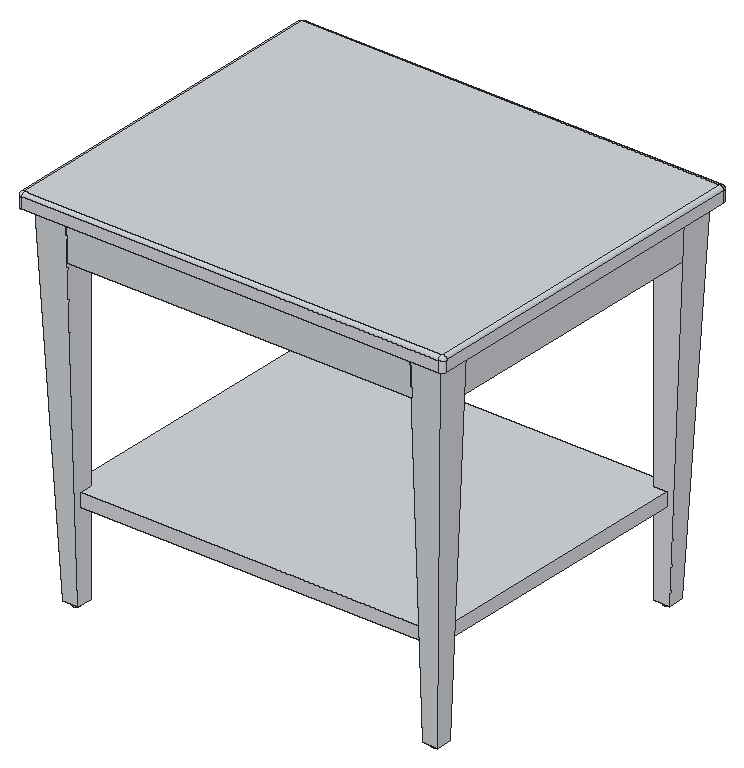
Revit family "Table-K_Series-Rectangular_Console_Table-KT6E2420B3", category Furniture, Revit 2017
Family settings
  OmniClass Number = 23.40.20.00
  OmniClass Title = General Furniture and Specialties
  Work Plane-Based = No
  Always vertical = Yes
  Cut with Voids When Loaded = No
  Shared = No
  Room Calculation Point = No
Parameters (values of type "24 x 20 Solid Surface")
  Width = 24.00"  # constant formula
  URL = "https://www.la-z-boy.com/"
  Product Documentation Link = "URL"
  Model = "KT6E2420B3"
  Manufacturer = "LaZBoy"
  Height = 21.00"  # constant formula
  Description = "24 x 20 Rectangular End Table, Solid Surface Top"
  Depth = 20.00"  # constant formula
  Copyright © = "Inc"
  Table Top Material [instance] = none
  Assembly Code = "E2020200"
  Leg Material [instance] = none
Types (2): name | Description
  24 x 20 Solid Surface | "24 x 20 Rectangular End Table, Solid Surface Top"
  24 x 20 Thermofoil | "24 x 20 Rectangular End Table, Thermofoil Top"
Reference planes (in)
  plane 1 "Center (Front/Back)": y = 0
  plane 2: z = 0
  plane 3 "Center (Left/Right)": x = 0
  plane 4: y = -10
  plane 5: x = 12
  plane 6: x = -12
  plane 7: z = 21
  plane 8: y = 10
  plane 9: z = 20.185
  plane 10: z = 0.185
  plane 11: z = 5.935
Forms (in)
  Blend 1, solid, material <- "Leg Material"
    base sketch origin (0, 0, 0) x (1, 0, 0) y (0, 1, 0)
      loop
        line (-10.5808, 8.60545) -> (-10.5808, 7.73045) -> (-9.7058, 7.73045) -> (-9.7058, 8.60545) -> (-10.5808, 8.60545)
    top sketch origin (0, 0, 0) x (1, 0, 0) y (0, 1, 0)
      loop
        line (-11.4558, 9.48045) -> (-11.4558, 7.73045) -> (-9.7058, 7.73045) -> (-9.7058, 9.48045) -> (-11.4558, 9.48045)
    from 0.185 to 20.185
  Blend 2, solid, material <- "Leg Material"
    base sketch origin (0, 0, 0) x (-1, 0, 0) y (0, -1, 0)
      loop
        line (-10.5808, 8.60545) -> (-10.5808, 7.73045) -> (-9.7058, 7.73045) -> (-9.7058, 8.60545) -> (-10.5808, 8.60545)
    top sketch origin (0, 0, 0) x (-1, 0, 0) y (0, -1, 0)
      loop
        line (-11.4558, 9.48045) -> (-11.4558, 7.73045) -> (-9.7058, 7.73045) -> (-9.7058, 9.48045) -> (-11.4558, 9.48045)
    from 0.185 to 20.185
  Blend 3, solid, material <- "Leg Material"
    base sketch origin (0, 0, 0) x (-1, 0, 0) y (0, -1, 0)
      loop
        line (-10.5808, -8.60545) -> (-9.7058, -8.60545) -> (-9.7058, -7.73045) -> (-10.5808, -7.73045) -> (-10.5808, -8.60545)
    top sketch origin (0, 0, 0) x (-1, 0, 0) y (0, -1, 0)
      loop
        line (-11.4558, -9.48045) -> (-9.7058, -9.48045) -> (-9.7058, -7.73045) -> (-11.4558, -7.73045) -> (-11.4558, -9.48045)
    from 0.185 to 20.185
  Blend 4, solid, material <- "Leg Material"
    base sketch origin (0, 0, 0) x (1, 0, 0) y (0, 1, 0)
      loop
        line (-10.5808, -8.60545) -> (-9.7058, -8.60545) -> (-9.7058, -7.73045) -> (-10.5808, -7.73045) -> (-10.5808, -8.60545)
    top sketch origin (0, 0, 0) x (1, 0, 0) y (0, 1, 0)
      loop
        line (-11.4558, -9.48045) -> (-9.7058, -9.48045) -> (-9.7058, -7.73045) -> (-11.4558, -7.73045) -> (-11.4558, -9.48045)
    from 0.185 to 20.185
  Extrusion 5, solid, material <- "Leg Material"
    sketch origin (0, 0, 0) x (1, 0, 0) y (0, 0, 1)
      loop
        line (10.54134, 17.935) -> (11.35736, 17.935) -> (11.4558, 20.185) -> (10.54134, 20.185) -> (10.54134, 17.935)
      loop
        line (-10.54134, 17.935) -> (-10.54134, 20.185) -> (-11.4558, 20.185) -> (-11.35736, 17.935) -> (-10.54134, 17.935)
    from -7.73045 to 7.73045
  Extrusion 6, solid, material <- "Leg Material"
    sketch origin (0, 0.02465, 0) x (0, 1, 0) y (0, 0, 1)
      loop
        line (8.54134, 17.935) -> (9.35736, 17.935) -> (9.4558, 20.185) -> (8.54134, 20.185) -> (8.54134, 17.935)
      loop
        line (-8.59064, 17.935) -> (-8.59064, 20.185) -> (-9.5051, 20.185) -> (-9.40666, 17.935) -> (-8.59064, 17.935)
    from -9.7058 to 9.7058
  Extrusion 7, solid, material <- "Table Top Material"
    sketch origin (0, 0, 0) x (1, 0, 0) y (0, 1, 0)
      loop
        arc (-11.75, 10) -> (-11.92678, 9.92678) -> (-12, 9.75) r 0.25
        line (-12, 9.75) -> (-12, -9.75)
        arc (-12, -9.75) -> (-11.92678, -9.92678) -> (-11.75, -10) r 0.25
        line (-11.75, -10) -> (11.75, -10)
        arc (11.75, -10) -> (11.92678, -9.92678) -> (12, -9.75) r 0.25
        line (12, -9.75) -> (12, 9.75)
        arc (12, 9.75) -> (11.92678, 9.92678) -> (11.75, 10) r 0.25
        line (11.75, 10) -> (-11.75, 10)
    from 20.185 to 21
  Sweep 8, void
    path origin (0, 0, 0) x (1, 0, 0) y (0, 1, 0)
      loop
        line (11.75, 10) -> (-11.75, 10)
        arc (-11.75, 10) -> (-11.92678, 9.92678) -> (-12, 9.75) r 0.25
        line (-12, 9.75) -> (-12, -9.75)
        arc (-12, -9.75) -> (-11.92678, -9.92678) -> (-11.75, -10) r 0.25
        line (-11.75, -10) -> (11.75, -10)
        arc (11.75, -10) -> (11.92678, -9.92678) -> (12, -9.75) r 0.25
        line (12, -9.75) -> (12, 9.75)
        arc (12, 9.75) -> (11.92678, 9.92678) -> (11.75, 10) r 0.25
    profile origin (12, 0, 0) x (-1, 0, 0) y (0, 0, 1)
      loop
        line (0.2, 21) -> (0, 21) -> (0, 20.8)
        arc (0, 20.8) -> (0.05858, 20.94142) -> (0.2, 21) r 0.2
  Extrusion 9, solid, material <- "Leg Material"
    sketch origin (0, 0, 0) x (1, 0, 0) y (0, 1, 0)
      loop
        line (-10.44767, 8.40982) -> (-10.44767, -8.47698) -> (10.43913, -8.47698) -> (10.43913, 8.40982) -> (-10.44767, 8.40982)
    from 5.185 to 5.935
  Extrusion 10, solid
    sketch origin (0, 0, 0) x (1, 0, 0) y (0, 1, 0)
      loop
        circle (-10.1464, 8.16021) r 0.2402
      loop
        circle (10.1464, 8.16021) r 0.2402
      loop
        circle (-10.1464, -8.16021) r 0.2402
      loop
        circle (10.1464, -8.16021) r 0.2402
    from 0 to 0.185
Cuts and joins
  Sweep 8 cuts Extrusion 7
Lines and regions (in)
  Masking region 1
    outline origin (0, 0, 0) x (1, 0, 0) y (0, 1, 0)
      loop
        arc (-12, -9.75) -> (-11.92678, -9.92678) -> (-11.75, -10) r 0.25
        line (-11.75, -10) -> (11.75, -10)
        arc (11.75, -10) -> (11.92678, -9.92678) -> (12, -9.75) r 0.25
        line (12, -9.75) -> (12, 9.75)
        arc (12, 9.75) -> (11.92678, 9.92678) -> (11.75, 10) r 0.25
        line (11.75, 10) -> (-11.75, 10)
        arc (-11.75, 10) -> (-11.92678, 9.92678) -> (-12, 9.75) r 0.25
        line (-12, 9.75) -> (-12, -9.75)
Dimensions and locks (in)
  equal spacing: plane 6, plane 3 "Center (Left/Right)", plane 5
  "Width": plane 6 to plane 5
  equal spacing: plane 8, plane 1 "Center (Front/Back)", plane 4
  "Depth": plane 4 to plane 8
  "Height": plane 7 to plane 2
  locked: plane 7 to plane 9 at 0.815
  locked: plane 10 to plane 2 at 0.185
  locked: plane 11 to plane 2 at 5.935
  locked: plane 11 to Extrusion 9 at 0.75
  aligned and locked: level to plane 2
  aligned and locked: plane 3 "Center (Left/Right)" to nested 1
  aligned and locked: plane 1 "Center (Front/Back)" to nested 1
  aligned and locked: Blend 1 to plane 9
  aligned and locked: plane 10 to Blend 1
  aligned and locked: plane 10 to Blend 2
  aligned and locked: plane 10 to Blend 3
  aligned and locked: plane 10 to Blend 4
  aligned and locked: Blend 4 to plane 9
  aligned and locked: Extrusion 7 sketch curve to plane 4
  aligned and locked: plane 5 to Extrusion 7 sketch curve
  aligned and locked: Extrusion 7 sketch curve to plane 8
  aligned and locked: plane 7 to Extrusion 7
  aligned and locked: plane 9 to Extrusion 7
  aligned and locked: Extrusion 9 to plane 11
  aligned and locked: Masking region 1 sketch curve to cut or joined group of Extrusion 7, Sweep 8  (x4)
  aligned and locked: Extrusion 6 to Blend 4
  aligned and locked: Extrusion 6 to Blend 2
Automatic sketch dimensions
  plane 6 to Blend 1 sketch curve = 1.4192"
  Blend 1 sketch curve to Blend 1 sketch curve = 0.875"  (x2)
  Blend 1 sketch curve to plane 8 = 2.26955"  (x2)
  plane 6 to Blend 1 sketch curve = 0.5442"
  Blend 1 sketch curve to Blend 1 sketch curve = 1.75"
  Blend 1 sketch curve to plane 8 = 0.51955"
  plane 5 to Blend 2 sketch curve = 1.4192"
  Blend 2 sketch curve to Blend 2 sketch curve = 0.875"  (x2)
  Blend 2 sketch curve to plane 4 = 2.26955"  (x2)
  plane 5 to Blend 2 sketch curve = 0.5442"
  Blend 2 sketch curve to Blend 2 sketch curve = 1.75"
  Blend 2 sketch curve to plane 4 = 0.51955"
  Blend 3 sketch curve to plane 5 = 1.4192"
  Blend 3 sketch curve to Blend 3 sketch curve = 0.875"  (x2)
  plane 8 to Blend 3 sketch curve = 2.26955"  (x2)
  Blend 3 sketch curve to plane 5 = 0.5442"
  Blend 3 sketch curve to Blend 3 sketch curve = 1.75"
  plane 8 to Blend 3 sketch curve = 0.51955"
  Blend 4 sketch curve to plane 6 = 1.4192"
  Blend 4 sketch curve to Blend 4 sketch curve = 0.875"  (x2)
  plane 4 to Blend 4 sketch curve = 2.26955"  (x2)
  Blend 4 sketch curve to plane 6 = 0.5442"
  Blend 4 sketch curve to Blend 4 sketch curve = 1.75"
  plane 4 to Blend 4 sketch curve = 0.51955"
  Extrusion 5 sketch curve to plane 9 = 0.00"  (x2)
  plane 6 to Extrusion 5 sketch curve = 0.5442"
  plane 6 to Extrusion 5 sketch curve = 0.64264"
  Extrusion 5 sketch curve to Extrusion 5 sketch curve = 0.91445"
  plane 5 to Extrusion 5 sketch curve = 1.45866"
  plane 5 to Extrusion 5 sketch curve = 0.64264"
  plane 5 to Extrusion 5 sketch curve = 0.5442"
  Extrusion 5 sketch curve to Extrusion 5 sketch curve = 2.25"
  plane 9 to Extrusion 5 sketch curve = 2.25"
  plane 9 to Extrusion 6 sketch curve = 0.00"  (x2)
  Extrusion 6 sketch curve to plane 4 = 0.51955"
  Extrusion 6 sketch curve to plane 4 = 0.61799"
  Extrusion 6 sketch curve to Extrusion 6 sketch curve = 0.91445"
  Extrusion 6 sketch curve to plane 8 = 1.43401"
  Extrusion 6 sketch curve to plane 8 = 0.61799"
  Extrusion 6 sketch curve to plane 8 = 0.51955"
  plane 9 to Extrusion 6 sketch curve = 2.25"
  Extrusion 6 sketch curve to Extrusion 6 sketch curve = 2.25"
  Sweep 8 sketch curve to Sweep 8 sketch curve = 0.25"  (x2)
  Sweep 8 sketch curve to plane 4 = 0.25"
  Sweep 8 sketch curve to profile plane = 0.00"  (x2)
  Sweep 8 sketch curve to Sweep 8 sketch curve = 0.20"
  level to Sweep 8 sketch curve = 20.80"
  Sweep 8 sketch curve to Sweep 8 sketch curve = 0.00"  (x3)
  plane 5 to Sweep 8 sketch curve = 0.25"
  Sweep 8 sketch curve to plane 5 = 0.00"
  plane 4 to Sweep 8 sketch curve = 0.00"
  Sweep 8 sketch curve to plane 6 = 0.00"
  Sweep 8 sketch curve to plane 8 = 0.00"
  Extrusion 7 sketch curve to plane 6 = 0.00"
  plane 6 to Extrusion 7 sketch curve = 0.25"  (x2)
  Extrusion 7 sketch curve to Extrusion 7 sketch curve = 0.25"
  plane 5 to Extrusion 7 sketch curve = 0.25"
  plane 6 to Extrusion 9 sketch curve = 1.55233"
  Extrusion 9 sketch curve to plane 4 = 1.52302"
  Extrusion 9 sketch curve to plane 8 = 1.59018"
  plane 5 to Extrusion 9 sketch curve = 1.56087"
  plane 6 to Extrusion 10 sketch curve = 1.8536"  (x2)
  plane 5 to Extrusion 10 sketch curve = 1.8536"  (x2)
  Extrusion 10 sketch curve to plane 4 = 1.83979"  (x2)
  Extrusion 10 sketch curve to plane 8 = 1.83979"  (x2)
  plane 6 to Masking region 1 sketch curve = 0.25"
  Masking region 1 sketch curve to plane 4 = 0.25"
  plane 5 to Masking region 1 sketch curve = 0.25"
  Masking region 1 sketch curve to Masking region 1 sketch curve = 0.25"
  radius of Extrusion 10 sketch curve = 0.2402"  (x4)
Nested families (in)
  nested 1: "Label 1-16" at (0, 0, 0), type "Center", detail levels fine
    with Offset (LR) 0.00"
Definition of nested family "Label 1-16"
  Parameters (values of type "Center")
    P_Width = 0.00"
    Text_Width = "Empty"
    Text_Height = "Empty"
    Text_Diameter = "Empty"
    Text_Depth = "Empty"
    Offset (LR) [instance] = 0.00"
    Model Name = "6961"
    P_Height = 0.00"
    Distance of Center (not Change) = 0.00"
    P_Diameter = 0.00"
    P_Depth = 0.00"
  Reference planes (in)
    plane 1: y = 0
    plane 2: x = 0
  Lines and regions (in)
    reference lines
      curve 1: line (-0.44359, 0, 0) -> (0.41085, 0, 0)
      curve 3: line (0, 0.32564, 0) -> (0, -0.40221, 0)
    reference lines, not visible
      curve 2: line (-0.44359, 0.09843, 0) -> (0.41085, 0.09843, 0)
      curve 4: line (0, 0.42407, 0) -> (0, -0.30379, 0)
  Text (in)
    label "Empty" at (0.00197, -0.0079, 0), shows "Model Name"
    label "Empty" at (0.00197, 0.09052, 0), shows "Model Name", not visible
  Dimensions and locks (in)
    "Distance of Center (not Change)": plane 1 to curve 1
    "Offset (LR)": curve 3 to plane 2
  Automatic sketch dimensions
    curve 1 to curve 3 = 0.44359"
    curve 3 to curve 1 = 0.41085"
    curve 3 to curve 1 = 0.40221"
    curve 1 to curve 3 = 0.32564"
    curve 2 to curve 4 = 0.44359"
    curve 4 to curve 2 = 0.41085"
    curve 4 to curve 2 = 0.40221"
    curve 2 to curve 4 = 0.32564"
Types in the file's own list only (2): name | Description
  20 x 20 Solid Surface | "24 x 20 Rectangular End Table, Solid Surface Top"
  20 x 20 Thermofoil | "24 x 20 Rectangular End Table, Thermofoil Top"
